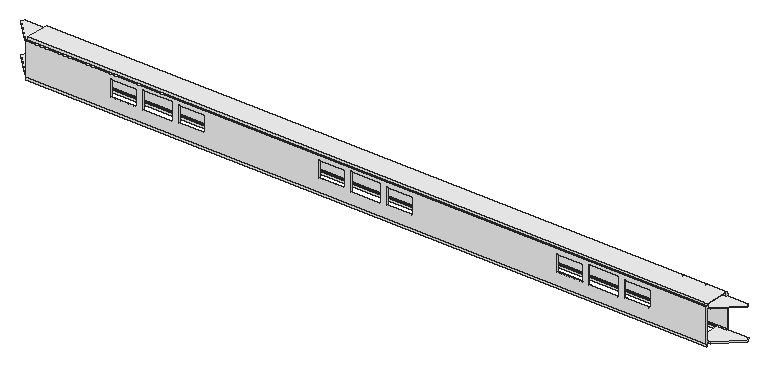
Revit family "Desk_Structures-Teknion-JNDBB_Structural_Beam_Single_Sided-R2018", category Furniture, Revit 2018 (continued)
Dimensions and locks (in)
  plane 20 to Extrusion 46 sketch curve to Extrusion 46 sketch curve to Extrusion 46 sketch curve = 20.76286" locked, 1.05204" locked, 4.878" locked
  Extrusion 43 sketch curve to Extrusion 43 sketch curve to Extrusion 43 sketch curve to plane 20 = 4.878" locked, 1.05204" locked, 20.76286" locked
  Sweep 47 sketch curve to Sweep 47 sketch curve to plane 11 = 0.11811" locked, 0.31496" locked
  Sweep 47 sketch curve to Sweep 47 sketch curve to plane 1 "Center Front/Back" to Sweep 47 sketch curve to Sweep 47 sketch curve = 4.6811" locked, 1.5748" locked, 1.5748" locked, 4.6811" locked
  Sweep 47 sketch curve to plane 25 "Left" to Sweep 47 sketch curve to Sweep 47 sketch curve to Sweep 47 sketch curve = 1.69291" locked, 0.118" locked, 3.14972" locked, 0.00028" locked
  Sweep 48 sketch curve to Sweep 48 sketch curve to plane 11 = 0.11811" locked, 0.31496" locked
  Sweep 48 sketch curve to Sweep 48 sketch curve to Sweep 48 sketch curve to plane 23 "Front Leg Right" to Sweep 48 sketch curve = 0.000" locked, 3.14961" locked, 0.11802" locked, 1.693" locked
  Sweep 48 sketch curve to Sweep 48 sketch curve to Sweep 48 sketch curve to plane 31 to Sweep 48 sketch curve = 4.6811" locked, 3.14961" locked, 0.11811" locked, 4.56299" locked
  plane 11 to Sweep 49 sketch curve to Sweep 49 sketch curve = 0.23622" locked, 3.35433" locked
  locked: plane 25 "Left" to Sweep 49 sketch curve at 0.125
  locked: Sweep 49 sketch curve to plane 31 at 3.14272
  plane 11 to Sweep 50 sketch curve to Sweep 50 sketch curve = 0.23622" locked, 3.35433" locked
  locked: Sweep 50 sketch curve to plane 23 "Front Leg Right" at 0.12491
  locked: Sweep 50 sketch curve to plane 31 at 3.14272
  Sweep 51 sketch curve to plane 11 to Sweep 51 sketch curve = 0.31496" locked, 3.77854"
  Sweep 51 sketch curve to Sweep 51 sketch curve to Sweep 51 sketch curve to plane 31 = 1.38189" locked, 0.11811" locked, 0.000" locked
  plane 25 "Left" to Sweep 51 sketch curve to Sweep 51 sketch curve to Sweep 51 sketch curve = 0.000" locked, 0.118" locked, 1.382" locked
  locked: plane 21 to Sweep 52 sketch curve at 0.11811
  locked: plane 6 "Back" to Sweep 52 sketch curve at 0.11811
  locked: plane 18 to Sweep 52 sketch curve at 0.11811
  locked: plane 21 to Sweep 53 sketch curve at 0.11811
  locked: plane 18 to Sweep 53 sketch curve at 0.11811
  Sweep 54 sketch curve to plane 11 to Sweep 54 sketch curve = 0.13681" locked, 3.95669" locked
  locked: plane 31 to Sweep 54 sketch curve at 1.5
  locked: Sweep 54 sketch curve to plane 23 "Front Leg Right" at 0.11791
  locked: Sweep 54 sketch curve to plane 31 at 0.11811
  Sweep 55 sketch curve to Sweep 55 sketch curve to plane 31 = 1.20866" locked, 1.08858" locked
  plane 25 "Left" to Sweep 55 sketch curve to Sweep 55 sketch curve = 1.3137" locked, 1.20866" locked
  plane 25 "Left" to Sweep 56 sketch curve to Sweep 56 sketch curve = 1.16803" locked, 1.500" locked
  Sweep 56 sketch curve to Sweep 56 sketch curve to plane 31 = 1.500" locked, 0.94291" locked
  Sweep 57 sketch curve to Sweep 57 sketch curve to plane 25 "Left" = 2.63386" locked, 0.54598" locked
  locked: plane 6 "Back" to Sweep 57 sketch curve at 0.11811
  locked: Sweep 57 sketch curve to plane 7 "Front" at 0.11811
  plane 25 "Left" to Sweep 58 sketch curve to Sweep 58 sketch curve = 0.54598" locked, 0.62205" locked
  Sweep 58 sketch curve to Sweep 58 sketch curve to Sweep 58 sketch curve to plane 1 "Center Front/Back" to Sweep 58 sketch curve to Sweep 58 sketch curve to Sweep 58 sketch curve = 1.20079" locked, 0.000" locked, 0.37402" locked, 0.37402" locked, 0.000" locked, 1.20079" locked
  Sweep 58 sketch curve to Sweep 58 sketch curve to Sweep 58 sketch curve to Sweep 58 sketch curve to Sweep 58 sketch curve to plane 19 to Sweep 58 sketch curve = 0.18799" locked, 0.000" locked, 3.28445" locked, 0.000" locked, 0.18799" locked, 0.000" locked
  Sweep 59 sketch curve to Sweep 59 sketch curve to plane 23 "Front Leg Right" = 1.20866" locked, 1.31361" locked
  Sweep 59 sketch curve to Sweep 59 sketch curve to plane 31 = 1.20866" locked, 1.08858" locked
  Sweep 60 sketch curve to Sweep 60 sketch curve to plane 31 = 1.500" locked, 0.94291" locked
  Sweep 60 sketch curve to Sweep 60 sketch curve to plane 23 "Front Leg Right" = 1.500" locked, 1.16794" locked
  Sweep 61 sketch curve to Sweep 61 sketch curve to plane 32 = 2.63386" locked, 0.11138" locked
  Sweep 61 sketch curve to plane 1 "Center Front/Back" to Sweep 61 sketch curve = 1.45669" locked, 1.45669" locked
  Sweep 62 sketch curve to Sweep 62 sketch curve to plane 23 "Front Leg Right" = 0.62205" locked, 0.54589" locked
  Sweep 62 sketch curve to Sweep 62 sketch curve to Sweep 62 sketch curve to plane 1 "Center Front/Back" to Sweep 62 sketch curve to Sweep 62 sketch curve to Sweep 62 sketch curve = 1.20079" locked, 0.000" locked, 0.37402" locked, 0.37402" locked, 0.000" locked, 1.20079" locked
  Sweep 62 sketch curve to Sweep 62 sketch curve to Sweep 62 sketch curve to Sweep 62 sketch curve to Sweep 62 sketch curve to plane 19 to Sweep 62 sketch curve = 0.18799" locked, 0.000" locked, 3.28445" locked, 0.000" locked, 0.18799" locked, 0.000" locked
  aligned and locked: level to plane 2
  aligned and locked: plane 16 to Extrusion 3
  aligned and locked: Extrusion 22 to plane 18
  aligned and locked: Extrusion 21 to plane 20
  aligned and locked: Extrusion 20 to plane 2
  aligned and locked: plane 20 to Extrusion 20
  aligned and locked: plane 16 to Masking region 1 sketch curve
  aligned and locked: Masking region 1 sketch curve to plane 6 "Back"
  aligned and locked: Masking region 1 sketch curve to plane 7 "Front"
  aligned and locked: Extrusion 23 to plane 2
  aligned and locked: Extrusion 24 to plane 20
  aligned and locked: plane 2 to Extrusion 23
  aligned and locked: Extrusion 25 sketch curve to plane 20
  aligned and locked: plane 2 to Extrusion 26 sketch curve
  aligned and locked: plane 20 to Extrusion 26 sketch curve
  aligned and locked: plane 24 to Extrusion 25
  aligned and locked: Extrusion 26 to plane 2
  aligned and locked: Extrusion 27 to plane 26
  aligned and locked: plane 26 to Masking region 2 sketch curve
  aligned and locked: Masking region 2 sketch curve to plane 22 "Left Leg - Front"
  aligned and locked: plane 25 "Left" to Masking region 2 sketch curve
  aligned and locked: Masking region 3 sketch curve to plane 24
  aligned and locked: Masking region 3 sketch curve to plane 23 "Front Leg Right"
  aligned and locked: plane 28 "Right Leg - Front" to Masking region 3 sketch curve
  aligned and locked: Extrusion 30 sketch curve to plane 6 "Back"
  aligned and locked: Extrusion 30 to plane 16
  aligned and locked: Extrusion 31 sketch curve to Masking region 1
  aligned and locked: Extrusion 31 to plane 16
  aligned and locked: Extrusion 31 to cut or joined group 1 (Extrusion 1, Extrusion 2, Extrusion 3, Extrusion 4, Extrusion 5, Extrusion 6, Extrusion 7, Extrusion 8, Extrusion 9, Extrusion 10, Extrusion 11, Extrusion 12, Extrusion 13, Extrusion 14, Extrusion 15, Extrusion 16, Extrusion 17, Extrusion 18, Extrusion 19)  (x2)
  aligned and locked: Extrusion 30 to cut or joined group 1  (x2)
  aligned and locked: plane 16 to Extrusion 32 sketch curve
  aligned and locked: Extrusion 32 sketch curve to Masking region 1  (x2)
  aligned and locked: plane 30 to Extrusion 32
  aligned and locked: Extrusion 32 to plane 29
  aligned and locked: cut or joined group 1 to plane 4 "Left Beam"
  aligned and locked: plane 4 "Left Beam" to Masking region 1 sketch curve
  aligned and locked: plane 4 "Left Beam" to Extrusion 30 sketch curve
  aligned and locked: plane 4 "Left Beam" to Extrusion 32 sketch curve
  aligned and locked: Extrusion 31 to plane 4 "Left Beam"
  aligned and locked: Extrusion 37 sketch curve to plane 7 "Front"  (x2)
  aligned and locked: Extrusion 37 sketch curve to plane 13
  aligned and locked: plane 25 "Left" to Extrusion 38 sketch curve
  aligned and locked: plane 27 to Extrusion 38
  aligned and locked: Extrusion 42 sketch curve to plane 23 "Front Leg Right"
  aligned and locked: Extrusion 43 to plane 25 "Left"
  aligned and locked: plane 26 to Extrusion 43
  aligned and locked: plane 24 to Extrusion 46
  aligned and locked: Extrusion 46 to plane 23 "Front Leg Right"
  aligned and locked: cut or joined group of Extrusion 25, Extrusion 40 to plane 23 "Front Leg Right"
  aligned and locked: plane 24 to cut or joined group of Extrusion 25, Extrusion 40
  aligned and locked: plane 31 to Extrusion 46 sketch curve
  aligned and locked: Extrusion 46 sketch curve to plane 20
  aligned and locked: Extrusion 43 sketch curve to plane 31
  aligned and locked: Extrusion 43 sketch curve to plane 20
  aligned and locked: cut or joined group of Extrusion 27, Extrusion 29, Extrusion 42 to plane 25 "Left"
  aligned and locked: Extrusion 25 sketch curve to plane 31
  aligned and locked: plane 31 to Extrusion 27 sketch curve
  aligned and locked: plane 20 to Extrusion 27 sketch curve
  aligned and locked: Masking region 4 sketch curve to cut or joined group of Extrusion 41, Extrusion 42  (x3)
  aligned and locked: plane 16 to Masking region 4 sketch curve
  aligned and locked: Masking region 5 sketch curve to plane 4 "Left Beam"
  aligned and locked: Masking region 5 sketch curve to cut or joined group of Extrusion 37, Extrusion 38  (x2)
  aligned and locked: curve 9 to Extrusion 33
  aligned and locked: curve 10 to Extrusion 33
  aligned and locked: curve 11 to Extrusion 33
  aligned and locked: curve 12 to Extrusion 33
  aligned and locked: curve 13 to Extrusion 33
  aligned and locked: curve 14 to Extrusion 35
  aligned and locked: curve 15 to Extrusion 35
  aligned and locked: curve 16 to Extrusion 35
  aligned and locked: curve 17 to Extrusion 35
  aligned and locked: curve 18 to Extrusion 35
  aligned and locked: Masking region 6 sketch curve to cut or joined group of Extrusion 27, Extrusion 29, Extrusion 42
  aligned and locked: cut or joined group of Extrusion 37, Extrusion 38 to Masking region 6 sketch curve
  aligned and locked: Masking region 6 sketch curve to cut or joined group 1
  aligned and locked: Masking region 6 sketch curve to cut or joined group of Extrusion 37, Extrusion 38
  aligned and locked: Masking region 7 sketch curve to cut or joined group of Extrusion 41, Extrusion 42
  aligned and locked: cut or joined group of Extrusion 25, Extrusion 40 to Masking region 7 sketch curve
  aligned and locked: cut or joined group of Extrusion 41, Extrusion 42 to Masking region 7 sketch curve
  aligned and locked: Masking region 7 sketch curve to cut or joined group 1
  aligned and locked: Masking region 8 sketch curve to Extrusion 43
  aligned and locked: Masking region 8 sketch curve to Masking region 2
  aligned and locked: Masking region 8 sketch curve to cut or joined group of Extrusion 27, Extrusion 29, Extrusion 42
  aligned and locked: Masking region 9 sketch curve to Extrusion 46
  aligned and locked: Masking region 9 sketch curve to Masking region 3
  aligned and locked: Masking region 9 sketch curve to cut or joined group of Extrusion 25, Extrusion 40
  aligned and locked: plane 31 to Masking region 8 sketch curve
  aligned and locked: plane 31 to Masking region 9 sketch curve
  aligned and locked: Masking region 10 sketch curve to Extrusion 43
  aligned and locked: plane 26 to Masking region 10 sketch curve
  aligned and locked: plane 25 "Left" to Masking region 10 sketch curve
  aligned and locked: Masking region 10 sketch curve to plane 31
  aligned and locked: Masking region 11 sketch curve to Extrusion 46  (x2)
  aligned and locked: Masking region 11 sketch curve to Extrusion 24
  aligned and locked: Masking region 11 sketch curve to cut or joined group of Extrusion 25, Extrusion 40
  aligned and locked: plane 36 to cut or joined group of Extrusion 37, Extrusion 38
  aligned and locked: Extrusion 38 sketch curve to plane 34 "Left Bracket"
  aligned and locked: cut or joined group of Extrusion 41, Extrusion 42 to plane 37
  aligned and locked: plane 35 "Right Bracket" to Extrusion 41
  aligned and locked: Extrusion 42 sketch curve to plane 35 "Right Bracket"
  aligned and locked: cut or joined group of Extrusion 37, Extrusion 38 to plane 34 "Left Bracket"
  aligned and locked: Extrusion 21 sketch curve to plane 25 "Left"
  aligned and locked: plane 26 to Extrusion 21 sketch curve
  aligned and locked: curve 19 to plane 15 "Left Node"
  aligned and locked: curve 20 to plane 6 "Back"
  aligned and locked: curve 21 to plane 7 "Front"
  aligned and locked: plane 5 "Right Node" to curve 22
  aligned and locked: plane 18 to Extrusion 37 sketch curve
  aligned and locked: Extrusion 37 sketch curve to plane 6 "Back"
  aligned and locked: plane 3 "Center Left/Right" to Sweep 47 sketch curve
  aligned and locked: plane 3 "Center Left/Right" to Sweep 48 sketch curve
  aligned and locked: Masking region 12 sketch curve to Sweep 47  (x8)
  aligned and locked: Masking region 13 sketch curve to Sweep 48  (x8)
  aligned and locked: plane 3 "Center Left/Right" to Sweep 49 sketch curve
  aligned and locked: Sweep 50 sketch curve to plane 3 "Center Left/Right"
  aligned and locked: plane 3 "Center Left/Right" to Sweep 51 sketch curve
  aligned and locked: plane 34 "Left Bracket" to Sweep 52 sketch curve
  aligned and locked: Sweep 52 sketch curve to plane 31
  aligned and locked: plane 36 to Sweep 52 sketch curve
  aligned and locked: plane 7 "Front" to Sweep 52 sketch curve  (x2)
  aligned and locked: plane 18 to Sweep 52 sketch curve
  aligned and locked: plane 21 to Sweep 52 sketch curve
  aligned and locked: plane 6 "Back" to Sweep 52 sketch curve
  aligned and locked: plane 11 to Sweep 53 sketch curve
  aligned and locked: plane 35 "Right Bracket" to Sweep 53 sketch curve
  aligned and locked: plane 37 to Sweep 53 sketch curve
  aligned and locked: plane 6 "Back" to Sweep 53 sketch curve  (x2)
  aligned and locked: plane 7 "Front" to Sweep 53 sketch curve  (x2)
  aligned and locked: plane 18 to Sweep 53 sketch curve
  aligned and locked: plane 21 to Sweep 53 sketch curve
  aligned and locked: plane 3 "Center Left/Right" to Sweep 54 sketch curve
  aligned and locked: plane 31 to Sweep 54 sketch curve
  aligned and locked: plane 23 "Front Leg Right" to Sweep 54 sketch curve
  aligned and locked: Sweep 54 sketch curve to plane 24
  aligned and locked: plane 20 to Sweep 55 sketch curve
  aligned and locked: level to Sweep 55 sketch curve
  aligned and locked: plane 3 "Center Left/Right" to Sweep 55 sketch curve
  aligned and locked: Sweep 56 sketch curve to plane 3 "Center Left/Right"
  aligned and locked: plane 19 to Sweep 56 sketch curve
  aligned and locked: plane 20 to Sweep 56 sketch curve
  aligned and locked: plane 31 to Sweep 57 sketch curve
  aligned and locked: Sweep 57 sketch curve to plane 6 "Back"
  aligned and locked: Sweep 57 sketch curve to plane 7 "Front"
  aligned and locked: Sweep 57 sketch curve to plane 21
  aligned and locked: Sweep 57 sketch curve to plane 17
  aligned and locked: plane 18 to Sweep 57 sketch curve
  aligned and locked: plane 19 to Sweep 57 sketch curve
  aligned and locked: plane 31 to Sweep 58 sketch curve
  aligned and locked: plane 3 "Center Left/Right" to Sweep 59 sketch curve
  aligned and locked: plane 20 to Sweep 59 sketch curve
  aligned and locked: level to Sweep 59 sketch curve
  aligned and locked: plane 20 to Sweep 60 sketch curve
  aligned and locked: plane 3 "Center Left/Right" to Sweep 60 sketch curve
  aligned and locked: plane 19 to Sweep 60 sketch curve
  aligned and locked: plane 31 to Sweep 61 sketch curve
  aligned and locked: Sweep 61 sketch curve to plane 7 "Front"
  aligned and locked: Sweep 61 sketch curve to plane 6 "Back"
  aligned and locked: plane 19 to Sweep 61 sketch curve
  aligned and locked: Sweep 61 sketch curve to plane 21
  aligned and locked: plane 17 to Sweep 61 sketch curve
  aligned and locked: Sweep 61 sketch curve to plane 18
  aligned and locked: plane 31 to Sweep 62 sketch curve
  aligned and locked: Masking region 14 sketch curve to cut or joined group of Sweep 57, Sweep 58  (x8)
  aligned and locked: Masking region 15 sketch curve to cut or joined group of Sweep 61, Sweep 62  (x6)
  aligned and locked: cut or joined group of Sweep 61, Sweep 62 to Masking region 15 sketch curve  (x2)
Automatic sketch dimensions
  curve 7 to plane 25 "Left" = 0.000"
  curve 7 to plane 26 = 0.000"
  curve 3 to plane 4 "Left Beam" = 0.000"
  curve 1 to plane 4 "Left Beam" = 0.000"
  curve 4 to plane 16 = 0.000"
  curve 6 to plane 16 = 0.000"
  curve 8 to plane 24 = 0.000"
  curve 8 to plane 23 "Front Leg Right" = 0.000"
  curve 3 to plane 7 "Front" = 0.250"
  curve 3 to curve 3 = 0.98425"
  curve 5 to plane 7 "Front" = 0.250"
  plane 16 to curve 5 = 0.98425"
  curve 5 to plane 6 "Back" = 0.250"
  curve 1 to plane 6 "Back" = 0.250"
  curve 7 to plane 10 = 0.3378"
  curve 8 to plane 10 = 0.40131"
  plane 9 to Extrusion 1 sketch curve = 0.000"
  Extrusion 1 sketch curve to plane 3 "Center Left/Right" = 1.7126"
  plane 3 "Center Left/Right" to Extrusion 1 sketch curve = 1.7126"
  Extrusion 1 sketch curve to plane 1 "Center Front/Back" = 0.64695"
  Extrusion 2 sketch curve to plane 10 = 0.000"
  plane 3 "Center Left/Right" to Extrusion 2 sketch curve = 1.7126"
  Extrusion 2 sketch curve to plane 3 "Center Left/Right" = 1.7126"
  Extrusion 2 sketch curve to plane 1 "Center Front/Back" = 0.64695"
  Extrusion 4 sketch curve to plane 10 = 0.000"
  plane 3 "Center Left/Right" to Extrusion 4 sketch curve = 5.31693"
  plane 3 "Center Left/Right" to Extrusion 4 sketch curve = 2.38386"
  Extrusion 4 sketch curve to plane 1 "Center Front/Back" = 0.64695"
  Extrusion 5 sketch curve to plane 10 = 0.000"
  Extrusion 5 sketch curve to plane 3 "Center Left/Right" = 2.38386"
  Extrusion 5 sketch curve to Extrusion 5 sketch curve = 2.93307"
  Extrusion 5 sketch curve to plane 1 "Center Front/Back" = 0.64695"
  plane 9 to Extrusion 6 sketch curve = 0.000"
  Extrusion 6 sketch curve to plane 3 "Center Left/Right" = 5.31693"
  Extrusion 6 sketch curve to plane 3 "Center Left/Right" = 2.38386"
  Extrusion 6 sketch curve to plane 1 "Center Front/Back" = 0.64695"
  plane 9 to Extrusion 7 sketch curve = 0.000"
  plane 3 "Center Left/Right" to Extrusion 7 sketch curve = 2.38386"
  Extrusion 7 sketch curve to Extrusion 7 sketch curve = 2.93307"
  Extrusion 7 sketch curve to plane 1 "Center Front/Back" = 0.64695"
  Extrusion 8 sketch curve to plane 10 = 0.000"
  Extrusion 8 sketch curve to plane 1 "Center Front/Back" = 0.64695"
  Extrusion 9 sketch curve to plane 10 = 0.000"
  Extrusion 9 sketch curve to plane 1 "Center Front/Back" = 0.64695"
  Extrusion 10 sketch curve to plane 10 = 0.000"
  Extrusion 10 sketch curve to plane 1 "Center Front/Back" = 0.64695"
  plane 10 to Extrusion 11 sketch curve = 0.000"
  Extrusion 11 sketch curve to plane 1 "Center Front/Back" = 0.64695"
  Extrusion 12 sketch curve to plane 10 = 0.000"
  Extrusion 12 sketch curve to plane 1 "Center Front/Back" = 0.64695"
  plane 10 to Extrusion 13 sketch curve = 0.000"
  Extrusion 13 sketch curve to plane 1 "Center Front/Back" = 0.64695"
  Extrusion 14 sketch curve to plane 9 = 0.000"
  Extrusion 14 sketch curve to plane 1 "Center Front/Back" = 0.64695"
  Extrusion 15 sketch curve to plane 9 = 0.000"
  Extrusion 15 sketch curve to plane 1 "Center Front/Back" = 0.64695"
  plane 9 to Extrusion 16 sketch curve = 0.000"
  Extrusion 16 sketch curve to plane 1 "Center Front/Back" = 0.64695"
  plane 9 to Extrusion 17 sketch curve = 0.000"
  Extrusion 17 sketch curve to plane 1 "Center Front/Back" = 0.64695"
  plane 9 to Extrusion 18 sketch curve = 0.000"
  Extrusion 18 sketch curve to plane 1 "Center Front/Back" = 0.64695"
  plane 9 to Extrusion 19 sketch curve = 0.000"
  Extrusion 19 sketch curve to plane 1 "Center Front/Back" = 0.64695"
  Extrusion 22 sketch curve to plane 7 "Front" = 0.000"  (x2)
  Extrusion 22 sketch curve to plane 6 "Back" = 0.000"  (x2)
  Extrusion 28 sketch curve to plane 20 = 0.000"
  Extrusion 28 sketch curve to level = 0.000"
  plane 22 "Left Leg - Front" to Extrusion 28 sketch curve = 2.20389"
  plane 31 to Masking region 2 sketch curve = 0.000"
  plane 1 "Center Front/Back" to Masking region 3 sketch curve = 0.000"
  Extrusion 30 sketch curve to plane 16 = 0.000"
  Extrusion 31 sketch curve to plane 4 "Left Beam" = 0.000"
  Extrusion 31 sketch curve to plane 16 = 0.000"
  plane 32 to Extrusion 33 sketch curve = 0.26165"
  plane 32 to Extrusion 34 sketch curve = 0.26165"
  Extrusion 34 sketch curve to Extrusion 34 sketch curve = 0.21685"
  Extrusion 34 sketch curve to plane 16 = 0.36811"
  Extrusion 35 sketch curve to plane 33 = 0.47855"
  Extrusion 36 sketch curve to plane 33 = 0.47855"
  plane 7 "Front" to Extrusion 39 sketch curve = 0.000"  (x2)
  Extrusion 39 sketch curve to plane 6 "Back" = 0.11811"  (x2)
  Extrusion 41 sketch curve to plane 7 "Front" = 0.000"  (x2)
  plane 12 to Extrusion 41 sketch curve = 0.000"
  Extrusion 41 sketch curve to plane 6 "Back" = 0.000"
  Extrusion 41 sketch curve to plane 13 = 0.000"
  plane 17 to Extrusion 41 sketch curve = 0.06988"
  plane 19 to Extrusion 41 sketch curve = 0.06988"
  Extrusion 44 sketch curve to level = 0.000"
  Extrusion 44 sketch curve to plane 20 = 0.000"
  Extrusion 45 sketch curve to plane 20 = 0.000"
  Extrusion 45 sketch curve to level = 0.000"
  Extrusion 45 sketch curve to plane 9 = 3.49224"
  Masking region 5 sketch curve to plane 34 "Left Bracket" = 0.000"
  Sweep 50 sketch curve to Sweep 50 sketch curve = 0.125"
  plane 6 "Back" to Extrusion 40 sketch curve = 0.000"
  radius of Sweep 49 sketch curve = 0.125"
